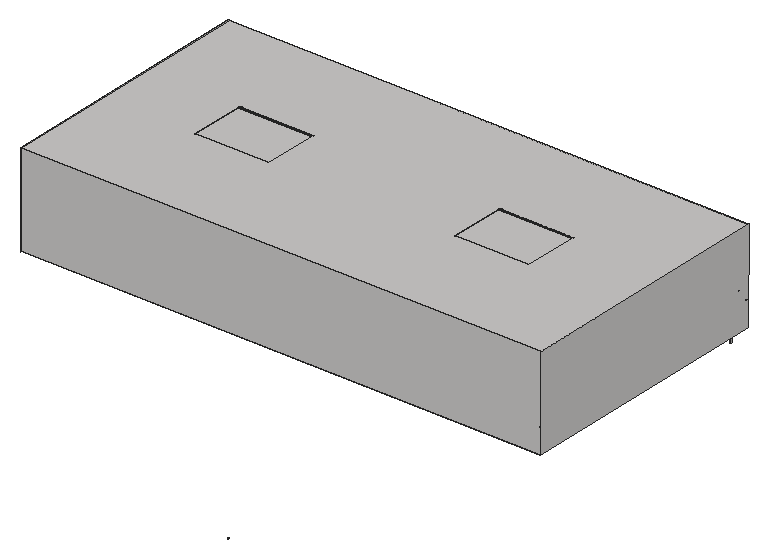
Revit family "QF_ELECTROLUXPROFESSIONAL_640274_VAP1228", category Specialty Equipment, Revit 2014
Reference planes
  plane 1: z = 0
  plane 2 "Center (Left/Right)": x = 150
  plane 3 "LEFT": x = -1250
  plane 4 "RIGHT": x = 1550
  plane 5 "BACK": y = 550
  plane 6 "TOP": z = 2500
  plane 7 "Base": z = 2000
  plane 8: z = 1970
  plane 9 "DrainY": y = 450
  plane 10: x = -1247
  plane 11 "DrainX": x = 1537
  plane 12 "AOLeft2": x = -350
  plane 13 "AORight1": x = 650
  plane 14: x = 1547
  plane 15: x = -1050
  plane 16: x = 1350
  plane 17: x = 50
  plane 18: x = 250
  plane 19 "AOLeft1": x = -750
  plane 20 "AORight2": x = 1050
  plane 21: through (0, 550, 2133.855) normal (0, 0.5299, 0.848)
  plane 22: y = 0
  plane 23: y = -300
  plane 24: y = -150
  plane 25: y = -850
  plane 26: through (0, -850, 2133.855) normal (0, 0.5299, -0.848)
Forms (mm)
  Extrusion 1, solid, material "QF_Finishes_Stainless Steel"
    sketch origin (-1250, 0, 360) x (0, 1, 0) y (0, 0, 1)
      loop
        line (550, 1640) -> (550, 2140) -> (-850, 2140) -> (-850, 1640) -> (550, 1640)
    from 0 to 3
  Extrusion 2, solid, material "QF_Finishes_Stainless Steel"
    sketch origin (1550, 0, 360) x (0, 1, 0) y (0, 0, 1)
      loop
        line (550, 1640) -> (550, 2140) -> (-850, 2140) -> (-850, 1640) -> (550, 1640)
    from 0 to -3
  Extrusion 3, solid, material "QF_Finishes_Stainless Steel"
    sketch origin (150, 0, 360) x (0, 1, 0) y (0, 0, 1)
      loop
        line (-850, 2140) -> (-850, 1640) -> (-840, 1640) -> (-840, 1640.8) -> (-849.2, 1640.8) -> (-849.2, 2139.19) -> (549.2, 2139.19) -> (549.2, 1640.8) -> (540, 1640.8) -> (540, 1640) -> (550, 1640) -> (550, 2140) -> (-850, 2140)
    from -1400 to 1400
  Extrusion 4, solid, material "QF_Finishes_Stainless Steel"
    sketch origin (0, 0, 2000) x (0, 1, 0) y (-1, 0, 0)
      loop
        circle (450, -1537) r 4.763
    from -30 to 0
  Extrusion 5, void
    sketch origin (0, 400, 2500) x (0, 1, 0) y (-1, 0, 0)
      loop
        line (-400, 350) -> (-400, 750) -> (-700, 750) -> (-700, 350) -> (-400, 350)
    from 0 to -10
  Extrusion 6, solid, material "QF_Finishes_Stainless Steel"
    sketch origin (0, 0, 0) x (1, 0, 0) y (0, 1, 0)
      loop
        line (-1250, 550) -> (-1250, 549) -> (-1249, 549) -> (-1249, 550) -> (-1250, 550)
    from 0 to 1
  Extrusion 7, solid, material "QF_Finishes_Stainless Steel"
    sketch origin (150, 0, 360) x (0, 1, 0) y (0, 0, 1)
      loop
        line (503.5, 1837.574) -> (207.375, 2022.621) -> (192.198, 1998.364) -> (488.366, 1813.348) -> (503.5, 1837.574)
      loop
        line (-803.5, 1837.574) -> (-788.366, 1813.348) -> (-492.198, 1998.364) -> (-507.375, 2022.621) -> (-803.5, 1837.574)
    from -1200 to -1397
  Extrusion 8, solid, material "QF_Finishes_Stainless Steel"
    sketch origin (150, 0, 360) x (0, 1, 0) y (0, 0, 1)
      loop
        line (549.2, 1775.312) -> (472.742, 1823.075) -> (472.313, 1822.387) -> (549.2, 1774.355) -> (549.2, 1775.312)
      loop
        line (202.48, 1991.938) -> (126.212, 2039.602) -> (-426.212, 2039.602) -> (-502.48, 1991.938) -> (-502.063, 1991.27) -> (-426, 2038.801) -> (126, 2038.801) -> (202.063, 1991.27) -> (202.48, 1991.938)
      loop
        line (-849.2, 1775.312) -> (-849.2, 1774.355) -> (-772.313, 1822.387) -> (-772.742, 1823.075) -> (-849.2, 1775.312)
    from -1397 to 1397
  Extrusion 9, solid, material "QF_Finishes_Stainless Steel"
    sketch origin (150, 0, 360) x (0, 1, 0) y (0, 0, 1)
      loop
        line (-507.375, 2022.621) -> (-803.5, 1837.574) -> (-788.366, 1813.348) -> (-492.198, 1998.364) -> (-507.375, 2022.621)
      loop
        line (503.5, 1837.574) -> (207.375, 2022.621) -> (192.198, 1998.364) -> (488.366, 1813.348) -> (503.5, 1837.574)
    from 1397 to 1200
  Extrusion 10, solid, material "QF_Finishes_Stainless Steel"
    sketch origin (150, 0, 360) x (0, 1, 0) y (0, 0, 1)
      loop
        line (-507.375, 2022.621) -> (-803.5, 1837.574) -> (-788.366, 1813.348) -> (-492.198, 1998.364) -> (-507.375, 2022.621)
      loop
        line (503.5, 1837.574) -> (207.375, 2022.621) -> (192.198, 1998.364) -> (488.366, 1813.348) -> (503.5, 1837.574)
    from -100 to 100
  Extrusion 11, solid, material "QF_Finished_Chrome"
    sketch origin (150, 0, 360) x (0, 1, 0) y (0, 0, 1)
      loop
        line (503.5, 1837.574) -> (207.375, 2022.621) -> (192.198, 1998.364) -> (488.366, 1813.348) -> (503.5, 1837.574)
      loop
        line (-507.375, 2022.621) -> (-803.5, 1837.574) -> (-788.366, 1813.348) -> (-492.198, 1998.364) -> (-507.375, 2022.621)
    from -1200 to -100
  Extrusion 12, solid, material "QF_Finished_Chrome"
    sketch origin (150, 0, 360) x (0, 1, 0) y (0, 0, 1)
      loop
        line (-507.375, 2022.621) -> (-803.5, 1837.574) -> (-788.366, 1813.348) -> (-492.198, 1998.364) -> (-507.375, 2022.621)
      loop
        line (503.5, 1837.574) -> (207.375, 2022.621) -> (192.198, 1998.364) -> (488.366, 1813.348) -> (503.5, 1837.574)
    from 100 to 1200
  Sweep 13, solid, material "QF_Finishes_Stainless Steel"
    path origin (0, 0, 0) x (1, 0, 0) y (0, 1, 0)
      loop
        line (1550, 550) -> (-1250, 550) -> (-1250, -850) -> (1550, -850) -> (1550, 550)
    profile origin (1550, -150, 0) x (1, 0, 0) y (0, 0, 1)
      loop
        line (-3, 2000) -> (-3, 2000.8) -> (-19, 2000.8) -> (-19, 2010) -> (-20, 2010) -> (-20, 2000) -> (-3, 2000)
  Extrusion 14, void
    sketch origin (0, 400, 2500) x (0, 1, 0) y (-1, 0, 0)
      loop
        line (-400, -1050) -> (-400, -650) -> (-700, -650) -> (-700, -1050) -> (-400, -1050)
    from 0 to -10
Cuts and joins
  Extrusion 5, Extrusion 14 cuts Extrusion 3
  joined: Extrusion 2, Extrusion 3, Sweep 13
Lines and regions (mm)
  symbolic lines, style "SpecialityEquipment", detail levels coarse
    curve 1: line (1550, 550, 2500) -> (-1250, 550, 2500)
    curve 2: line (-1250, 550, 2500) -> (-1250, -850, 2500)
    curve 3: line (1550, -850, 2500) -> (1550, 550, 2500)
    curve 4: line (-1250, 550, 0) -> (1550, -850, 0)
    curve 5: line (1550, 550, 0) -> (-1250, -850, 0)
  symbolic lines, detail levels coarse
    curve 6: line (-1250, -850, 0) -> (1550, -850, 0)
    curve 7: line (-350, 0, 0) -> (-750, 0, 0)
    curve 8: line (-350, -300, 0) -> (-350, 0, 0)
    curve 9: line (-750, -300, 0) -> (-350, -300, 0)
    curve 10: line (-750, 0, 0) -> (-750, -300, 0)
    curve 11: line (1050, 0, 0) -> (650, 0, 0)
    curve 12: line (1050, -300, 0) -> (1050, 0, 0)
    curve 13: line (650, -300, 0) -> (1050, -300, 0)
    curve 14: line (650, 0, 0) -> (650, -300, 0)
Dimensions and locks
  plane 3 "LEFT" to plane 4 "RIGHT" = 2800 mm
  equal spacing: plane 3 "LEFT", plane 2 "Center (Left/Right)", plane 4 "RIGHT"
  plane 7 "Base" to plane 8 = 30 mm
  plane 5 "BACK" to plane 9 "DrainY" = 100 mm  (x2)
  plane 3 "LEFT" to plane 10 = 3 mm
  plane 11 "DrainX" to plane 4 "RIGHT" = 13 mm
  plane 14 to plane 4 "RIGHT" = 3 mm
  plane 3 "LEFT" to plane 15 = 200 mm
  plane 16 to plane 4 "RIGHT" = 200 mm
  locked: plane 12 "AOLeft2" to plane 13 "AORight1" at 1000
  equal spacing: plane 12 "AOLeft2", plane 2 "Center (Left/Right)", plane 13 "AORight1"
  locked: plane 7 "Base" to level at 2000
  locked: plane 6 "TOP" to plane 7 "Base" at 500
  locked: plane 17 to plane 18 at 200
  equal spacing: plane 17, plane 2 "Center (Left/Right)", plane 18
  plane 19 "AOLeft1" to plane 12 "AOLeft2" = 400 mm
  plane 13 "AORight1" to plane 20 "AORight2" = 400 mm
  plane 5 "BACK" to plane 25 = 1400 mm  (x2)
  equal spacing: plane 5 "BACK", plane 24, plane 25
  locked: plane 22 to plane 23 at 300
  equal spacing: plane 22, plane 24, plane 23
  aligned and locked: level to plane 1
  aligned and locked: plane 4 "RIGHT" to Extrusion 3
  aligned and locked: Extrusion 3 to plane 3 "LEFT"
  aligned and locked: Extrusion 7 to plane 10
  aligned and locked: Extrusion 7 to plane 15
  aligned and locked: Extrusion 2 to plane 14
  aligned and locked: plane 14 to Extrusion 9
  aligned and locked: plane 16 to Extrusion 9
  aligned and locked: plane 18 to Extrusion 10
  aligned and locked: Extrusion 10 to plane 17
  aligned and locked: plane 17 to Extrusion 11
  aligned and locked: Extrusion 11 to plane 15
  aligned and locked: Extrusion 12 to plane 18
  aligned and locked: Extrusion 12 to plane 16
  aligned and locked: Extrusion 8 to plane 10
  aligned and locked: plane 14 to Extrusion 8
  aligned and locked: Extrusion 5 to plane 19 "AOLeft1"
  aligned and locked: Extrusion 5 to plane 12 "AOLeft2"
  aligned and locked: plane 13 "AORight1" to Extrusion 14
  aligned and locked: plane 20 "AORight2" to Extrusion 14
  aligned and locked: plane 22 to curve 7
  aligned and locked: curve 9 to plane 23
  aligned and locked: plane 22 to curve 11
  aligned and locked: curve 13 to plane 23
  aligned and locked: plane 22 to Extrusion 5 sketch curve
  aligned and locked: Extrusion 5 sketch curve to plane 23
  aligned and locked: plane 22 to Extrusion 14 sketch curve
Automatic sketch dimensions
  Extrusion 1 sketch curve to plane 7 "Base" = 0 mm
  Extrusion 1 sketch curve to plane 5 "BACK" = 0 mm
  Extrusion 1 sketch curve to plane 6 "TOP" = 0 mm
  Extrusion 2 sketch curve to plane 7 "Base" = 0 mm
  Extrusion 2 sketch curve to plane 5 "BACK" = 0 mm
  Extrusion 2 sketch curve to plane 6 "TOP" = 0 mm
  Extrusion 3 sketch curve to plane 6 "TOP" = 0 mm
  Extrusion 3 sketch curve to plane 7 "Base" = 0 mm  (x2)
  Extrusion 3 sketch curve to plane 5 "BACK" = 0 mm
  Extrusion 3 sketch curve to Extrusion 3 sketch curve = 9.2 mm
  plane 7 "Base" to Extrusion 3 sketch curve = 0.8 mm  (x2)
  Extrusion 3 sketch curve to plane 5 "BACK" = 10 mm
  Extrusion 3 sketch curve to plane 5 "BACK" = 0.8 mm
  Extrusion 3 sketch curve to plane 6 "TOP" = 0.81 mm
  Extrusion 4 sketch curve to plane 9 "DrainY" = 0 mm
  Extrusion 4 sketch curve to plane 11 "DrainX" = 0 mm
  Extrusion 5 sketch curve to plane 12 "AOLeft2" = 0 mm
  Extrusion 5 sketch curve to plane 19 "AOLeft1" = 0 mm
  Extrusion 6 sketch curve to plane 3 "LEFT" = 0 mm
  Extrusion 6 sketch curve to plane 5 "BACK" = 0 mm
  plane 3 "LEFT" to Extrusion 6 sketch curve = 1 mm
  Extrusion 6 sketch curve to Extrusion 6 sketch curve = 1 mm
  Sweep 13 sketch curve to plane 3 "LEFT" = 0 mm
  Sweep 13 sketch curve to plane 4 "RIGHT" = 0 mm
  Sweep 13 sketch curve to plane 5 "BACK" = 0 mm
  profile plane to Sweep 13 sketch curve = 20 mm
  Sweep 13 sketch curve to Sweep 13 sketch curve = 1 mm
  profile plane to Sweep 13 sketch curve = 3 mm
  level to Sweep 13 sketch curve = 2000 mm
  Sweep 13 sketch curve to Sweep 13 sketch curve = 0.8 mm
  Sweep 13 sketch curve to Sweep 13 sketch curve = 9.2 mm
  Extrusion 14 sketch curve to plane 12 "AOLeft2" = 1400 mm
  plane 19 "AOLeft1" to Extrusion 14 sketch curve = 1400 mm
  Extrusion 11 sketch curve to plane 5 "BACK" = 46.5 mm
  plane 7 "Base" to Extrusion 11 sketch curve = 197.574 mm
  Extrusion 11 sketch curve to Extrusion 11 sketch curve = 15.134 mm  (x2)
  Extrusion 11 sketch curve to plane 6 "TOP" = 117.379 mm
  Extrusion 11 sketch curve to Extrusion 11 sketch curve = 24.226 mm  (x2)
  Extrusion 11 sketch curve to Extrusion 11 sketch curve = 15.177 mm  (x2)
  Extrusion 11 sketch curve to Extrusion 11 sketch curve = 24.257 mm  (x2)
  Extrusion 11 sketch curve to plane 6 "TOP" = 141.636 mm
  Extrusion 10 sketch curve to plane 6 "TOP" = 117.379 mm  (x2)
  Extrusion 10 sketch curve to Extrusion 10 sketch curve = 24.257 mm  (x2)
  Extrusion 10 sketch curve to Extrusion 10 sketch curve = 24.226 mm  (x2)
  Extrusion 10 sketch curve to Extrusion 10 sketch curve = 15.177 mm  (x2)
  plane 9 "DrainY" to Extrusion 10 sketch curve = 38.366 mm
  Extrusion 10 sketch curve to Extrusion 10 sketch curve = 15.134 mm  (x2)
  plane 7 "Base" to Extrusion 10 sketch curve = 173.348 mm  (x2)
  Extrusion 12 sketch curve to plane 6 "TOP" = 117.379 mm
  Extrusion 12 sketch curve to Extrusion 12 sketch curve = 15.177 mm  (x2)
  Extrusion 12 sketch curve to Extrusion 12 sketch curve = 24.257 mm  (x2)
  Extrusion 12 sketch curve to plane 6 "TOP" = 141.636 mm
  plane 7 "Base" to Extrusion 12 sketch curve = 197.574 mm  (x2)
  Extrusion 12 sketch curve to plane 9 "DrainY" = 257.802 mm
  plane 9 "DrainY" to Extrusion 12 sketch curve = 38.366 mm
  Extrusion 12 sketch curve to Extrusion 12 sketch curve = 15.134 mm  (x2)
  Extrusion 9 sketch curve to plane 6 "TOP" = 117.379 mm  (x2)
  Extrusion 9 sketch curve to Extrusion 9 sketch curve = 24.257 mm  (x2)
  Extrusion 9 sketch curve to Extrusion 9 sketch curve = 24.226 mm  (x2)
  Extrusion 9 sketch curve to plane 5 "BACK" = 46.5 mm
  plane 7 "Base" to Extrusion 9 sketch curve = 197.574 mm
  Extrusion 9 sketch curve to Extrusion 9 sketch curve = 15.134 mm  (x2)
  Extrusion 9 sketch curve to Extrusion 9 sketch curve = 15.177 mm  (x2)
  Extrusion 14 sketch curve to Extrusion 14 sketch curve = 300 mm
  Extrusion 1 sketch curve to plane 23 = 550 mm
  Extrusion 2 sketch curve to plane 23 = 550 mm
  Extrusion 3 sketch curve to plane 23 = 540 mm
  Extrusion 3 sketch curve to Extrusion 3 sketch curve = 0.8 mm
  Extrusion 9 sketch curve to plane 23 = 192.198 mm
  plane 7 "Base" to Extrusion 9 sketch curve = 173.348 mm
  Extrusion 10 sketch curve to plane 23 = 192.198 mm
  Extrusion 11 sketch curve to plane 23 = 192.198 mm
  plane 7 "Base" to Extrusion 11 sketch curve = 173.348 mm
  Extrusion 12 sketch curve to plane 23 = 192.198 mm
  plane 7 "Base" to Extrusion 12 sketch curve = 173.348 mm
  Sweep 13 sketch curve to plane 23 = 550 mm
  curve 5 to plane 3 "LEFT" = 0 mm
  curve 4 to plane 3 "LEFT" = 0 mm
  curve 10 to plane 19 "AOLeft1" = 0 mm
  curve 8 to plane 12 "AOLeft2" = 0 mm
  curve 14 to plane 13 "AORight1" = 0 mm
  curve 12 to plane 20 "AORight2" = 0 mm
  curve 5 to plane 4 "RIGHT" = 0 mm
  curve 6 to plane 4 "RIGHT" = 0 mm
  curve 4 to plane 5 "BACK" = 0 mm
  curve 5 to plane 5 "BACK" = 0 mm
  curve 6 to plane 25 = 0 mm
  plane 25 to Extrusion 8 sketch curve = 0.8 mm
  plane 25 to Extrusion 8 sketch curve = 77.258 mm
  Extrusion 8 sketch curve to Extrusion 8 sketch curve = 0.43 mm  (x2)
  Extrusion 8 sketch curve to plane 6 "TOP" = 100.398 mm
  Extrusion 8 sketch curve to plane 23 = 126.212 mm
  Extrusion 8 sketch curve to Extrusion 8 sketch curve = 0.418 mm  (x2)
  plane 22 to Extrusion 8 sketch curve = 126 mm
  Extrusion 8 sketch curve to Extrusion 8 sketch curve = 0.212 mm  (x2)
  Extrusion 8 sketch curve to Extrusion 8 sketch curve = 76.063 mm
  Extrusion 8 sketch curve to plane 6 "TOP" = 148.062 mm
  plane 9 "DrainY" to Extrusion 8 sketch curve = 22.313 mm
  Extrusion 8 sketch curve to plane 5 "BACK" = 0.8 mm
  plane 7 "Base" to Extrusion 8 sketch curve = 183.075 mm  (x2)
  Extrusion 8 sketch curve to Extrusion 8 sketch curve = 0.688 mm  (x2)
  Extrusion 8 sketch curve to Extrusion 8 sketch curve = 0.669 mm
  Extrusion 8 sketch curve to Extrusion 8 sketch curve = 0.801 mm
  Extrusion 8 sketch curve to Extrusion 8 sketch curve = 47.531 mm
  plane 25 to Extrusion 7 sketch curve = 46.5 mm
  Extrusion 7 sketch curve to Extrusion 7 sketch curve = 15.134 mm  (x2)
  Extrusion 7 sketch curve to plane 23 = 207.375 mm
  Extrusion 7 sketch curve to Extrusion 7 sketch curve = 15.177 mm  (x2)
  plane 22 to Extrusion 7 sketch curve = 192.198 mm
  plane 9 "DrainY" to Extrusion 7 sketch curve = 38.366 mm
  plane 7 "Base" to Extrusion 7 sketch curve = 173.348 mm  (x2)
  Extrusion 7 sketch curve to Extrusion 7 sketch curve = 24.226 mm  (x2)
  Extrusion 7 sketch curve to Extrusion 7 sketch curve = 24.257 mm  (x2)
  curve 2 to plane 3 "LEFT" = 0 mm
  curve 2 to plane 25 = 0 mm
  curve 3 to plane 4 "RIGHT" = 0 mm
  curve 3 to plane 25 = 0 mm
  curve 2 to plane 5 "BACK" = 0 mm
  radius of Extrusion 4 sketch curve = 4.763 mm
Connectors
  piping at (1537, 450, 1970), diameter 9.5
    settings: on Extrusion 4, index 1, connector inside diameter 609.6 mm, connector length 0 mm, flow factor 0, pipe flow 0.0 L/s, pressure drop 0.0 Pa, fitting loss kfactor 0, connector angle 0.00°, fixture units 0, engagement length 0 mm, angle of deflection 0.00°, flow configuration 1, flow direction 2, fitting loss method 0, system type 16, joint type 0, gender type 0, connector reference index -1, connector utility 0, adjustable connector no, is connector primary yes, connector description "Drain"
  hvac at (-550, -150, 2500)
    settings: on Extrusion 5, index 2, duct flow 0.0 L/s, flow factor 0, pres drop 0.0 Pa, loss coef 0, conn angle 0.00°, conn width 300 mm, conn height 400 mm, conn diameter 609.6 mm, duct sys type 3, conn prof type 1, flow config 1, flow direction 2, loss method 0, conn ref index -1, conn util no, is conn primary yes, conn desc "EXHAUST OUTLET"
  hvac at (850, -150, 2500)
    settings: on Extrusion 14, index 3, duct flow 0.0 L/s, flow factor 0, pres drop 0.0 Pa, loss coef 0, conn angle 0.00°, conn width 300 mm, conn height 400 mm, conn diameter 609.6 mm, duct sys type 3, conn prof type 1, flow config 1, flow direction 2, loss method 0, conn ref index -1, conn util no, is conn primary no, conn desc "EXHAUST OUTLET"
